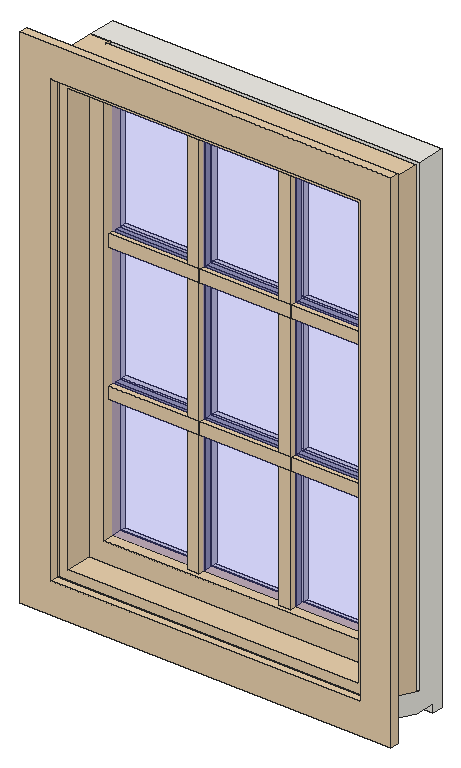
Revit family "Window-Picture-Andersen-400_Series-Tilt_Wash 2", category Windows, host Wall, Revit 2013
Parameters
  Visual Light Transmittance = 0.51  # constant formula
  Thermal Resistance (R) = 0.60723  # 3.4480 (h·ft²·°F)/BTU
  TFL = if(Fractional Lights High > 5, 3, if(or(Fractional Lights High = 4, Fractional Lights High = 5), 2, if(or(Fractional Lights High = 2, Fractional Lights High = 3), 1, 1)))  # 1
  TFB = TFL - 1  # 0
  Solar Heat Gain Coefficient = 0.22  # constant formula
  Sill MO Offset = if(Enter Exterior Trim Number > 0, 0' 1 15/16" + Masonry Opening Offset, 0' 0 1/4")  # 0' - 0 1/4"
  Learn About These Parameters = "http://www.andersenwindows.com/for-professionals/cad-symbols-bim-support-window-doors/bim-support"
  LWide = if(or(Enter Pattern Number = 3, Enter Pattern Number = 4), 3, if(or(Enter Pattern Number = 1, Enter Pattern Number = 2), . . Lights Wide, Fractional Lights Wide))  # 3
  Interior Material = Wood - Andersen - Pine
  Interior Grille Bar = yes
  Heat Transfer Coefficient (U) = 1.6467  # 0.2900 BTU/(h·ft²·°F)
  Head MO Offset = if(Enter Exterior Trim Number > 0, casing4 + Masonry Opening Offset, 0' 0 1/4")  # 0' - 0 1/4"
  Glazing Material = Glass ‐ Andersen - Low-E4 SmartSun
  Fractional Lights Wide = 3  # constant formula
  Fractional Lights High = 3  # constant formula
  Exterior Unit Finish = Vinyl - Andersen - White
  Exterior Grille Bar = yes
  Analytic Construction = "<None>"
  Available Grille Bar Sizes = "3/4'', 7/8'', 1 1/8'', 2 1/4''"  # constant formula
  Between Glass Grille Bar Sizes = "3/4'', 1''"  # constant formula
  Interior Casing = yes
  Grille Bar Size = 0' - 0 7/8"
  Enter Pattern Number = 1
  ..Pattern Number 1 = "Colonial"  # constant formula
  ..Pattern Number 2 = "Modified Colonial"  # constant formula
  . . Lights Wide = 3
  . . Lights High = 3
  ..Pattern Number 3 = "Prairie"  # constant formula
  ..Pattern Number 4 = "Short Fractional"  # constant formula
  ..Pattern Number 5 = "Tall Fractional"  # constant formula
  Extension Jamb = yes
  Enter Exterior Trim Number = 0
  ..Exterior Trim Number 0 = "No Exterior Trim"  # constant formula
  ..Exterior Trim Number 1 = "Brick Mould"  # constant formula
  ..Exterior Trim Number 2 = "3 1/2'' Flat Casing"  # constant formula
  ..Exterior Trim Number 3 = "4 1/2'' Flat Casing"  # constant formula
  Between Glass Grille Bar = yes
  xjamb Visibility [instance] = and(Extension Jamb, and(Wall Depth > 0' 4 1/2", Extension Jamb))  # yes
  xjamb S1 [instance] = if(Wall Depth > 0' 1 7/8", Wall Depth - 0' 4 1/2", 0' 3")  # 0' - 0 1/16"
  sill nose1 = 0' - 1 13/16"  # constant formula
  sill nose 2 = 0' - 1 15/16"  # constant formula
  casingS2 = if(Enter Exterior Trim Number = 1, 0' 0 3/16", 0' 0 3/16")  # 0' - 0 3/16"
  casingS1 = if(Enter Exterior Trim Number = 1, 0' 0 7/16", 0' 0 3/16")  # 0' - 0 3/16"
  casing4 = if(Enter Exterior Trim Number = 1, 0' 1 3/4", if(Enter Exterior Trim Number = 2, 0' 3 1/4", 0' 4 1/4"))  # 0' - 4 1/4"
  casing3 = 0' - 0 1/2"  # constant formula
  casing2 = 0' - 0 7/8"  # constant formula
  casing1 = 0' - 0 1/4"  # constant formula
  Wall Thickness [instance] = 0' - 6"
  Wall Depth [instance] = 0' - 4 9/16"
  Void Offset 2 = if(Enter Exterior Trim Number > 0, 0' 1 15/16", 0' 0")  # 0' - 0"
  Void Offset 1 = if(Enter Exterior Trim Number > 0, casing4, 0' 0")  # 0' - 0"
  Void Depth [instance] = if(Wall Thickness > Wall Depth, 0' 1" + Wall Thickness - Wall Depth, 0' 1")  # 0' - 2 7/16"
  VGB DLO = if(Enter Pattern Number = 3, 0' 4", (H DLO - (Grille Bar Size * (V Bars))) / if(LWide > 2, LWide, 3))  # 0' - 5.79167"
  V Bars = if(Enter Pattern Number = 3, 2, if(LWide > 2, LWide - 1, 2))  # 2
  URL = "www.andersenwindows.com"
  Type Comments = "Vinyl-clad double hung picture window"
  TS V Bar Length = if(or(Enter Pattern Number = 5, Enter Pattern Number = 2), ((((Height - HGO - SGO - (Grille Bar Size * (Fractional Lights High - 1))) / Fractional Lights High)) * TFL) + (TFB * Grille Bar Size), if(Enter Pattern Number = 4, ((Height - HGO - SGO - (Grille Bar Size * (Fractional Lights High - 1))) / Fractional Lights High), Height - HGO - SGO))  # 2' - 5 1/16"
  TS SH DLO = if(or(Enter Pattern Number = 5, Enter Pattern Number = 2), ((((Height - HGO - SGO - (Grille Bar Size * (Fractional Lights High - 1))) / Fractional Lights High)) * TFL) + (TFB * Grille Bar Size) + HGO + (Grille Bar Size / 2), if(Enter Pattern Number = 4, TS V Bar Length + HGO + (Grille Bar Size / 2), (TS V Bar Length / 2) + HGO))  # 1' - 4 31/32"
  TS S V = LWide = 2  # no
  TS S H Craftsman = and(Enter Pattern Number = 2, or(Fractional Lights High = 4, Fractional Lights High = 5))  # no
  TS S H = or(or(or(and(. . Lights High = 2, Enter Pattern Number = 1), and(Enter Pattern Number = 4, Fractional Lights High > 1)), and(Enter Pattern Number = 5, Fractional Lights High > 1)), and(Enter Pattern Number = 2, Fractional Lights High > 1))  # no
  TS M V = or(or(or(or(or(and(LWide > 2, Enter Pattern Number = 1), and(LWide > 2, Enter Pattern Number = 2)), Enter Pattern Number = 3), Enter Pattern Number = 4), Enter Pattern Number = 5), and(LWide > 2, Enter Pattern Number = 6))  # yes
  TS M H = or(or(Enter Pattern Number = 3, and(. . Lights High > 2, Enter Pattern Number = 1)), and(Enter Pattern Number = 2, Fractional Lights High > 5))  # yes
  TS HGB DLO = if(Enter Pattern Number = 1, if(. . Lights High > 2, ((TS V Bar Length - (Grille Bar Size * (. . Lights High - 1))) / . . Lights High), 0' 4"), if(Enter Pattern Number = 3, 0' 4", if(Fractional Lights High > 2, ((TS V Bar Length - (Grille Bar Size * 2)) / 3), 0' 4")))  # 0' - 9.10417"
  TS H Bars = if(Enter Pattern Number = 3, 2, if(Enter Pattern Number = 1, if(. . Lights High > 2, . . Lights High - 1, 2), 2))  # 2
  SGO = 0' - 4 1/2"  # constant formula
  Rough Width = Width + (Rough Opening Offset * 2)  # 2' - 0 1/2"
  Rough Opening Offset = 0' - 0 1/4"
  Rough Height = Height + (Rough Opening Offset * 2)  # 3' - 0 1/2"
  Product Documentation Link = "http://www.andersenwindows.com/products/400-series-tilt-wash-double-hung-window/"
  Plan Exterior Mask Visibility [instance] = Plan Exterior Mask 2 > 0' 0 1/32"  # yes
  Plan Exterior Mask 2 [instance] = if(Enter Exterior Trim Number > 0, if(Wall Depth + 0' 1 1/16" + casingS1 > Wall Thickness, 0' 0 1/32", Wall Thickness - Wall Depth - 0' 1 1/16" - casingS1), if(Wall Depth + 0' 1 1/16" > Wall Thickness, 0' 0 1/32", Wall Thickness - Wall Depth - 0' 0 1/16"))  # 0' - 1 3/8"
  Plan Exterior Mask [instance] = if(Enter Exterior Trim Number > 0, 0' 1 1/16" + casingS1, 0' 1 1/16")  # 0' - 1 1/16"
  Nail Fin Visibility = Enter Exterior Trim Number = 0  # yes
  Model = "400-Series Tilt-Wash Double Hung Picture"  # constant formula
  Masonry Width = if(Enter Exterior Trim Number > 0, Width + ((casing4 + Masonry Opening Offset) * 2), Width + (Masonry Opening Offset * 2))  # 2' - 0 1/2"
  Masonry Opening Offset = 0' - 0 1/4"
  Masonry Height = if(Enter Exterior Trim Number > 0, Height + (casing4 + Masonry Opening Offset) + (sill nose 2 + Masonry Opening Offset), Height + (Masonry Opening Offset * 2))  # 3' - 0 1/2"
  Manufacturer = "Andersen Corporation"  # constant formula
  JGO = 0' - 2 7/16"  # constant formula
  Interior Casing Size = 0' - 2 1/4"
  Height = 3' - 0"
  HGO = 0' - 2 7/16"  # constant formula
  H DLO = Width - (JGO * 2)  # 1' - 7 1/8"
  Family Version = "01.01.15"  # constant formula
  Exterior Trim Finish = Fibrex Composite - Andersen - White
  Designation = "TWP"
  Description = "Vinyl-clad picture window"  # constant formula
  Default Sill Height = 6' 10 1/2" - Rough Height  # 3' - 10"
  Wall Closure = By host
  Width = 2' - 0"
  Coarse Plan [instance] = if(Wall Depth < Wall Thickness, Wall Depth, Wall Thickness)  # 0' - 4 9/16"
  Casing Visibility = Enter Exterior Trim Number > 0  # no
  Between Glass Grille Bar Finish = Stainless Steel - Andersen - Standard
  Bar Center Line = if(Enter Pattern Number = 6, 1, 2)  # 2
  Assembly Code = "B2020100"
Reference planes (in)
  plane 1 "Center (Front/Back)": y = 0
  plane 2: z = 0
  plane 3 "Center (Left/Right)": x = 0
  plane 4 "R Frame": x = -12
  plane 5 "L Frame": x = 12
  plane 6 "B Frame": z = 46.5
  plane 7 "T Frame": z = 82.5
  plane 8 "L Glazing": x = 9.5625
  plane 9 "L Ext Frame": x = 10.125
  plane 10 "L Int Frame": x = 10.65625
  plane 11 "L Xjamb 1": x = 11.3125
  plane 12 "L Casing 1": x = 11.75
  plane 13 "L Xjamb 2": x = 11.9375
  plane 14 "L Rough Opening": x = 12.25
  plane 15 "L Casing 2": x = 15.375
  plane 16 "L Casing 3": x = 15.75
  plane 17 "L Casing 4": x = 16.25
  plane 18 "R Glazing": x = -9.5625
  plane 19 "R Ext Frame": x = -10.125
  plane 20 "R Int Frame": x = -10.65625
  plane 21 "R Xjamb 1": x = -11.3125
  plane 22 "R Casing 1": x = -11.75
  plane 23 "R Xjamb 2": x = -11.9375
  plane 24 "R Rough Opening": x = -12.25
  plane 25 "R Casing 2": x = -15.375
  plane 26 "R Casing 3": x = -15.75
  plane 27 "R Casing 4": x = -16.25
  plane 28 "R Int Casing": x = -13.5625
  plane 29 "T Glazing": z = 80.0625
  plane 30 "T Ext Frame": z = 81.5625
  plane 31 "T Int Frame": z = 81.15625
  plane 32 "T Xjamb 1": z = 81.8125
  plane 33 "T Casing 1": z = 82.25
  plane 34 "T Xjamb 2": z = 82.4375
  plane 35 "T Rough Opening": z = 82.75
  plane 36 "T Casing 2": z = 85.875
  plane 37 "T Casing 3": z = 86.25
  plane 38 "T Casing 4": z = 86.75
  plane 39 "T Int Casing": z = 84.0625
  plane 40 "B Glazing": z = 51
  plane 41 "B Ext Frame": z = 47.9068
  plane 42 "B Int Frame": z = 49.5625
  plane 43 "B Xjamb 2": z = 48.3125
  plane 44 "B Casing 1": z = 45.75
  plane 45 "B Casing 2": z = 44
  plane 46 "B Int Casing": z = 46.6875
  plane 47 "L Int Casing": x = 13.5625
  plane 48 "Casing S1": y = 3.125
  plane 49 "Casing S2": y = 3.125
  plane 50 "Frame S1": y = 2.9375
  plane 51 "Flange": y = 1.5625
  plane 52 "Glass1 S1": y = 0.6065
  plane 53 "Glass1 S2": y = 0.4815
  plane 54 "Glass1 S3": y = -0.0935
  plane 55 "Glass1 S4": y = -0.2185
  plane 56 "Sash1 S2": y = -0.9375
  plane 57 "Sash2 S2": y = -2.4375
  plane 58 "Frame S2": y = -2.9375
  plane 59 "B Xjamb 1": z = 48.9375
  plane 60 "Exterior Offset": y = 4
  plane 61 "Interior Casing": y = -3.625
  plane 62 "Vertical Bar Length": z = 51
  plane 63 "B Rough Opening": z = 46.25
  plane 64 "R Masonry Opening": x = -12.25
  plane 65 "L Masonry Opening": x = 12.25
  plane 66 "T Masonry Opening": z = 82.75
  plane 67 "B Masonry Opening": z = 45.6875
  plane 68 "Xjamb S1": y = -2.9375
  plane 69 "Sash1 S1": y = 0.90449
  plane 70 "Frame S1.1": y = 2.125
  plane 71 "Frame S1.2": y = 1.3125
  plane 72 "R Ext Frame1": x = -10.59375
  plane 73 "R Ext Frame2": x = -11.1875
  plane 74 "L Ext Frame1": x = 10.59375
  plane 75 "L Ext Frame2": x = 11.1875
  plane 76 "T Ext Frame1": z = 81.25
  plane 77 "B Sill Drop": z = 45.9375
Forms (in)
  Extrusion 1, void
    sketch origin (0, 0, 0) x (1, 0, 0) y (0, 0, 1)
      loop
        line (12, 82.5) -> (-12, 82.5) -> (-12, 46.5) -> (12, 46.5) -> (12, 82.5)
    from -1.5625 to 3
  Extrusion 2, void
    sketch origin (0, 0, 0) x (1, 0, 0) y (0, 0, 1)
      loop
        line (12, 82.5) -> (-12, 82.5) -> (-12, 45.9375) -> (12, 45.9375) -> (12, 82.5)
    from -15 to -1.5625
  Extrusion 3, solid, material "Wood - Andersen - Pine" <- "Interior Material", visible <- "xjamb Visibility", detail levels medium+fine
    sketch origin (0, -2.5625, 0) x (-1, 0, 0) y (0, 0, 1)
      loop
        line (11.9375, 82.4375) -> (-11.9375, 82.4375) -> (-11.9375, 48.3125) -> (11.9375, 48.3125) -> (11.9375, 82.4375)
      loop
        line (11.3125, 81.8125) -> (-11.3125, 81.8125) -> (-11.3125, 48.9375) -> (11.3125, 48.9375) -> (11.3125, 81.8125)
    from -0.375 to -0.4375
  Extrusion 4, solid, material "Wood - Andersen - Pine" <- "Interior Material", visible <- "Interior Casing", detail levels fine
    sketch origin (0, -3.625, 0) x (-1, 0, 0) y (0, 0, 1)
      loop
        line (13.5625, 84.0625) -> (-13.5625, 84.0625) -> (-13.5625, 46.6875) -> (13.5625, 46.6875) -> (13.5625, 84.0625)
      loop
        line (11.3125, 81.8125) -> (-11.3125, 81.8125) -> (-11.3125, 48.9375) -> (11.3125, 48.9375) -> (11.3125, 81.8125)
    from 0 to 0.625
  Extrusion 5, solid, material "Fibrex Composite - Andersen - White" <- "Exterior Trim Finish", visible <- "Casing Visibility", detail levels medium+fine
    sketch origin (0, 0, 0) x (0, 1, 0) y (0, 0, 1)
      loop
        line (2.9375, 45.82714) -> (2.9375, 45.9375) -> (1.5625, 45.9375) -> (1.5625, 44) -> (3.375, 44) -> (3.375, 45.75) -> (2.9375, 45.82714)
    from -16.25 to 16.25
  Sweep 6, solid, material "Fibrex Composite - Andersen - White" <- "Exterior Trim Finish", visible <- "Casing Visibility", detail levels medium+fine
    path origin (0, 1.5625, 0) x (-1, 0, 0) y (0, 0, 1)
      loop
        line (-16.25, 44) -> (-16.25, 86.75) -> (16.25, 86.75) -> (16.25, 44)
    profile origin (16.25, 1.5625, 65.375) x (1, 0, 0) y (0, 1, 0)
      loop
        line (-0.875, 1.5625) -> (-4.5, 1.5625) -> (-4.5, 0) -> (0, 0) -> (0, 1.5625) -> (-0.5, 1.5625) -> (-0.875, 1.5625)
  Extrusion 7, solid, material "Fibrex Composite - Andersen - White" <- "Exterior Trim Finish", visible <- "Casing Visibility", detail levels coarse
    sketch origin (0, 1.5625, 0) x (-1, 0, 0) y (0, 0, 1)
      loop
        line (-16.25, 86.75) -> (-16.25, 44) -> (16.25, 44) -> (16.25, 86.75) -> (-16.25, 86.75)
      loop
        line (-11.75, 82.25) -> (-11.75, 45.9375) -> (11.75, 45.9375) -> (11.75, 82.25) -> (-11.75, 82.25)
    from 0 to 1.5625
  Extrusion 8, solid, material "Wood - Andersen - Pine" <- "Interior Material"
    sketch origin (0, -0.9375, 0) x (-1, 0, 0) y (0, 0, 1)
      loop
        line (10.59375, 81.5625) -> (-10.59375, 81.5625) -> (-10.59375, 47.9068) -> (10.59375, 47.9068) -> (10.59375, 81.5625)
      loop
        line (9.5625, 80.0625) -> (-9.5625, 80.0625) -> (-9.5625, 51) -> (9.5625, 51) -> (9.5625, 80.0625)
    from 0 to 1.544
  Extrusion 9, solid, material "Vinyl - Andersen - White" <- "Exterior Unit Finish"
    sketch origin (0, 45.99825, 0) x (-1, 0, 0) y (0, 0, 1)
      loop
        line (-9.5625, 80.0625) -> (-9.5625, 51) -> (9.5625, 51) -> (9.5625, 80.0625) -> (-9.5625, 80.0625)
      loop
        line (10.59375, 47.9068) -> (10.59375, 81.5625) -> (-10.59375, 81.5625) -> (-10.59375, 47.9068) -> (10.59375, 47.9068)
    from -45.09375 to -45.39175
  Extrusion 10, solid, material "Glass ‐ Andersen - Low-E4 SmartSun" <- "Glazing Material"
    sketch origin (0, -0.2185, 0) x (-1, 0, 0) y (0, 0, 1)
      loop
        line (-9.5625, 80.0625) -> (-9.5625, 51) -> (9.5625, 51) -> (9.5625, 80.0625) -> (-9.5625, 80.0625)
    from 0 to 0.825
  Extrusion 11, solid, material "Vinyl - Andersen - White" <- "Exterior Unit Finish", detail levels medium+fine
    sketch origin (0, 0, 0) x (0, 1, 0) y (0, 0, 1)
      loop
        line (2.125, 45.9375) -> (2.9375, 45.9375) -> (2.9375, 46.96875) -> (2.125, 47.18125) -> (2.125, 47.5875) -> (-0.9375, 48.38846) -> (-0.9375, 46.94661) -> (0.7054, 46.5) -> (2.125, 46.5) -> (2.125, 45.9375)
      loop
        line (0.90449, 82.5) -> (0.90449, 81.25) -> (2.125, 81.25) -> (2.125, 81.5625) -> (2.9375, 81.5625) -> (2.9375, 82.5) -> (0.90449, 82.5)
    from -12 to 12
  Extrusion 12, solid, material "Wood - Andersen - Pine" <- "Interior Material"
    sketch origin (0, 0, 0) x (0, 1, 0) y (0, 0, 1)
      loop
        line (-0.9375, 49.5625) -> (-2.9375, 49.5625) -> (-2.9375, 47.49029) -> (-0.9375, 46.94661) -> (-0.9375, 49.5625)
      loop
        line (0.6065, 81.5625) -> (0.6065, 82.5) -> (-2.9375, 82.5) -> (-2.9375, 81.15625) -> (-2.4375, 81.15625) -> (-2.4375, 81.5625) -> (0.6065, 81.5625)
    from -12 to 12
  Extrusion 13, solid, material "Vinyl - Andersen - White" <- "Exterior Unit Finish", detail levels medium+fine
    sketch origin (0, 0, 52.78125) x (0, -1, 0) y (1, 0, 0)
      loop
        line (-0.90449, -12) -> (-0.90449, -10.125) -> (-1.3125, -10.125) -> (-1.3125, -10.59375) -> (-2.125, -10.91282) -> (-2.125, -11.1875) -> (-2.9375, -11.1875) -> (-2.9375, -12) -> (-0.90449, -12)
      loop
        line (-1.3125, 10.125) -> (-0.90449, 10.125) -> (-0.90449, 12) -> (-2.9375, 12) -> (-2.9375, 11.1875) -> (-2.125, 11.1875) -> (-2.125, 10.91282) -> (-1.3125, 10.59375) -> (-1.3125, 10.125)
    from -6.28125 to 29.71875
  Extrusion 14, solid, material "Wood - Andersen - Pine" <- "Interior Material"
    sketch origin (0, 0, 52.78125) x (0, -1, 0) y (1, 0, 0)
      loop
        line (2.9375, -12) -> (2.9375, -10.65625) -> (-0.90449, -10.65625) -> (-0.90449, -12) -> (2.9375, -12)
      loop
        line (-0.6065, 10.65625) -> (2.9375, 10.65625) -> (2.9375, 12) -> (-0.6065, 12) -> (-0.6065, 10.65625)
    from -4.87445 to 29.71875
  Extrusion 15, solid, material "Vinyl - Andersen - White" <- "Exterior Unit Finish", detail levels coarse
    sketch origin (0, 1.5625, 0) x (-1, 0, 0) y (0, 0, 1)
      loop
        line (-12, 45.9375) -> (12, 45.9375) -> (12, 82.5) -> (-12, 82.5) -> (-12, 45.9375)
      loop
        line (-10.125, 47.9068) -> (10.125, 47.9068) -> (10.125, 81.25) -> (-10.125, 81.25) -> (-10.125, 47.9068)
    from -0.956 to 1.375
Cuts and joins
  joined: Extrusion 5, Sweep 6
  joined: Extrusion 12, Extrusion 14
  joined: Extrusion 11, Extrusion 13
Lines and regions (in)
  Masking region 1, detail levels medium+fine
    outline origin (0, 0, 46.5) x (0, -1, 0) y (1, 0, 0)
      loop
        line (-2.9375, -12) -> (2.9375, -12) -> (2.9375, 12) -> (-2.9375, 12) -> (-2.9375, -12)
  Masking region 2, visible <- "Casing Visibility", detail levels medium+fine
    outline origin (0, 0, 46.5) x (0, -1, 0) y (1, 0, 0)
      loop
        line (-2.9375, -12) -> (-2.9375, 12) -> (-1.5625, 12) -> (-1.5625, 16.25) -> (-3.125, 16.25) -> (-3.125, -16.25) -> (-1.5625, -16.25) -> (-1.5625, -12) -> (-2.9375, -12)
  Masking region 3, visible <- "Nail Fin Visibility", detail levels coarse
    outline origin (0, 0, 46.5) x (0, -1, 0) y (1, 0, 0)
      loop
        line (-4, -12) -> (3, -12) -> (3, 12) -> (-4, 12) -> (-4, -12)
  Masking region 4
    outline origin (0, 0, 0) x (0, 1, 0) y (0, 0, 1)
      loop
        line (2.9375, 82.5) -> (-2.9375, 82.5) -> (-2.9375, 47.49029) -> (0.7054, 46.5) -> (1.96875, 46.5) -> (1.96875, 45.9375) -> (2.9375, 45.9375) -> (2.9375, 82.5)
  Masking region 5, visible <- "Casing Visibility"
    outline origin (0, 0, 0) x (0, 1, 0) y (0, 0, 1)
      loop
        line (2.9375, 45.82714) -> (2.9375, 45.9375) -> (1.5625, 45.9375) -> (1.5625, 44) -> (3.375, 44) -> (3.375, 45.75) -> (2.9375, 45.82714)
  Masking region 6, visible <- "Casing Visibility"
    outline origin (0, 0, 0) x (0, 1, 0) y (0, 0, 1)
      loop
        line (2.9375, 82.5) -> (2.9375, 45.82714) -> (3.125, 45.79408) -> (3.125, 86.75) -> (1.5625, 86.75) -> (1.5625, 82.5) -> (2.9375, 82.5)
  Masking region 7, visible <- "Casing Visibility"
    outline origin (0, 2.9375, 0) x (-1, 0, 0) y (0, 0, 1)
      loop
        line (-16.25, 86.75) -> (-16.25, 44) -> (16.25, 44) -> (16.25, 86.75) -> (-16.25, 86.75)
  Masking region 8
    outline origin (0, 2.9375, 0) x (-1, 0, 0) y (0, 0, 1)
      loop
        line (-12, 82.5) -> (-12, 45.9375) -> (12, 45.9375) -> (12, 82.5) -> (-12, 82.5)
  Masking region 9
    outline origin (0, -2.9375, 0) x (-1, 0, 0) y (0, 0, 1)
      loop
        line (12, 82.5) -> (-12, 82.5) -> (-12, 46.5) -> (12, 46.5) -> (12, 82.5)
  Masking region 10, visible <- "Interior Casing", detail levels fine
    outline origin (0, -3.625, 0) x (-1, 0, 0) y (0, 0, 1)
      loop
        line (13.5625, 84.0625) -> (-13.5625, 84.0625) -> (-13.5625, 46.6875) -> (13.5625, 46.6875) -> (13.5625, 84.0625)
      loop
        line (11.3125, 81.8125) -> (-11.3125, 81.8125) -> (-11.3125, 48.9375) -> (11.3125, 48.9375) -> (11.3125, 81.8125)
  Masking region 11, visible <- "Casing Visibility", detail levels coarse
    outline origin (0, 0, 46.5) x (0, -1, 0) y (1, 0, 0)
      loop
        line (-4, -16.25) -> (-1.5625, -16.25) -> (-1.5625, -12) -> (3, -12) -> (3, 12) -> (-1.5625, 12) -> (-1.5625, 16.25) -> (-4, 16.25) -> (-4, -16.25)
  Masking region 12, visible <- "xjamb Visibility", detail levels medium+fine
    outline origin (0, 0, 46.5) x (0, -1, 0) y (1, 0, 0)
      loop
        line (2.9375, -11.9375) -> (3, -11.9375) -> (3, 11.9375) -> (2.9375, 11.9375) -> (2.9375, -11.9375)
  Masking region 13, visible <- "Interior Casing", detail levels fine
    outline origin (0, 0, 46.5) x (0, -1, 0) y (1, 0, 0)
      loop
        line (3, -13.5625) -> (3.625, -13.5625) -> (3.625, 13.5625) -> (3, 13.5625) -> (3, -13.5625)
  Masking region 14, visible <- "xjamb Visibility", detail levels medium+fine
    outline origin (0, 0, 0) x (0, 1, 0) y (0, 0, 1)
      loop
        line (-2.9375, 82.4375) -> (-3, 82.4375) -> (-3, 48.3125) -> (-2.9375, 48.3125) -> (-2.9375, 82.4375)
  Masking region 15, visible <- "Interior Casing", detail levels fine
    outline origin (0, 0, 0) x (0, 1, 0) y (0, 0, 1)
      loop
        line (-3, 84.0625) -> (-3.625, 84.0625) -> (-3.625, 46.6875) -> (-3, 46.6875) -> (-3, 84.0625)
  symbolic lines, style "WindowsFrameMullionProjection", visible <- "Casing Visibility", detail levels fine
    curve 1: line (15.75, 3.125, 46.5) -> (15.375, 3.125, 46.5)
    curve 2: line (15.375, 3.125, 46.5) -> (11.75, 3.125, 46.5)
    curve 3: line (11.75, 3.125, 46.5) -> (11.75, 2.9375, 46.5)
    curve 4: line (-15.75, 3.125, 46.5) -> (-15.375, 3.125, 46.5)
    curve 5: line (-15.375, 3.125, 46.5) -> (-11.75, 3.125, 46.5)
    curve 6: line (-11.75, 3.125, 46.5) -> (-11.75, 2.9375, 46.5)
  symbolic lines, style "WindowsGlassProjection", detail levels medium+fine
    curve 7: line (-9.5625, 0.6065, 46.5) -> (9.5625, 0.6065, 46.5)
    curve 10: line (-9.5625, -0.2185, 46.5) -> (9.5625, -0.2185, 46.5)
  symbolic lines, style "WindowsGlassProjection", detail levels fine
    curve 8: line (-9.5625, 0.4815, 46.5) -> (9.5625, 0.4815, 46.5)
    curve 9: line (-9.5625, -0.0935, 46.5) -> (9.5625, -0.0935, 46.5)
    curve 27: line (0, 0.4815, 80.0625) -> (0, 0.4815, 51)
    curve 28: line (0, -0.0935, 80.0625) -> (0, -0.0935, 51)
    curve 54: line (-10.4375, 0.4815, 46.25) -> (-9.5625, 0.4815, 46.25)
    curve 55: line (-10.4375, -0.0935, 46.25) -> (-9.5625, -0.0935, 46.25)
    curve 56: line (-9.6875, 0.4815, 46.25) -> (-9.6875, -0.0935, 46.25)
    curve 83: line (0, 0.4815, 80.923) -> (0, 0.4815, 80.0625)
    curve 84: line (0, -0.0935, 80.923) -> (0, -0.0935, 80.0625)
    curve 85: line (0, 0.4815, 80.1875) -> (0, -0.0935, 80.1875)
    curve 105: line (0, 0.4815, 51) -> (0, 0.4815, 50.33225)
    curve 106: line (0, -0.0935, 51) -> (0, -0.0935, 50.33225)
    curve 107: line (0, 0.4815, 50.875) -> (0, -0.0935, 50.875)
    curve 155: line (10.4375, 0.4815, 46.25) -> (9.5625, 0.4815, 46.25)
    curve 156: line (10.4375, -0.0935, 46.25) -> (9.5625, -0.0935, 46.25)
    curve 157: line (9.6875, 0.4815, 46.25) -> (9.6875, -0.0935, 46.25)
  symbolic lines, style "WindowsFrameMullionProjection", detail levels medium
    curve 11: line (-10.65625, 0.90449, 46.5) -> (-9.5625, 0.90449, 46.5)
    curve 12: line (-9.5625, 0.90449, 46.5) -> (-9.5625, -0.9375, 46.5)
    curve 13: line (-9.5625, -0.9375, 46.5) -> (-10.65625, -0.9375, 46.5)
    curve 14: line (-10.65625, 2.9375, 46.5) -> (-10.65625, -2.9375, 46.5)
    curve 15: line (10.65625, 0.90449, 46.5) -> (9.5625, 0.90449, 46.5)
    curve 16: line (9.5625, 0.90449, 46.5) -> (9.5625, -0.9375, 46.5)
    curve 17: line (9.5625, -0.9375, 46.5) -> (10.65625, -0.9375, 46.5)
    curve 18: line (10.65625, 2.9375, 46.5) -> (10.65625, -2.9375, 46.5)
  symbolic lines, style "WindowsFrameMullionProjection", detail levels coarse
    curve 19: line (-10.65625, -3, 46.5) -> (-10.65625, 4, 46.5)
    curve 20: line (10.65625, -3, 46.5) -> (10.65625, 4, 46.5)
  symbolic lines, style "WindowsGlassProjection", detail levels coarse
    curve 21: line (-10.65625, 0, 46.5) -> (10.65625, 0, 46.5)
    curve 22: line (-10.65625, 1, 46.5) -> (10.65625, 1, 46.5)
  symbolic lines, style "WindowsFrameMullionProjection", visible <- "Casing Visibility"
    curve 23: line (0, 3.125, 86.25) -> (0, 3.125, 85.875)
    curve 24: line (0, 3.125, 85.875) -> (0, 3.125, 82.25)
    curve 25: line (0, 3.125, 82.25) -> (0, 2.9375, 82.25)
  symbolic lines, style "WindowsGlassProjection"
    curve 26: line (0, 0.6065, 80.0625) -> (0, 0.6065, 51)
    curve 29: line (0, -0.2185, 80.0625) -> (0, -0.2185, 51)
  symbolic lines, style "WindowsFrameMullionProjection", detail levels medium+fine
    curve 30: line (10.125, 2.9375, 81.25) -> (-10.125, 2.9375, 81.25)
    curve 31: line (10.125, 2.9375, 47.9068) -> (10.125, 2.9375, 81.25)
    curve 32: line (-10.125, 2.9375, 47.9068) -> (10.125, 2.9375, 47.9068)
    curve 33: line (-10.125, 2.9375, 81.25) -> (-10.125, 2.9375, 47.9068)
    curve 38: line (-10.65625, -2.9375, 81.15625) -> (10.65625, -2.9375, 81.15625)
    curve 39: line (-10.65625, -2.9375, 49.5625) -> (-10.65625, -2.9375, 81.15625)
    curve 40: line (10.65625, -2.9375, 49.5625) -> (-10.65625, -2.9375, 49.5625)
    curve 41: line (10.65625, -2.9375, 81.15625) -> (10.65625, -2.9375, 49.5625)
  symbolic lines, style "WindowsFrameMullionProjection"
    curve 34: line (9.5625, 0, 80.0625) -> (-9.5625, 0, 80.0625)
    curve 35: line (9.5625, 0, 51) -> (9.5625, 0, 80.0625)
    curve 36: line (-9.5625, 0, 51) -> (9.5625, 0, 51)
    curve 37: line (-9.5625, 0, 80.0625) -> (-9.5625, 0, 51)
    curve 57: line (0, 0.90449, 80.25) -> (0, 0.6065, 80.048)
    curve 58: line (0, 0.6065, 80.048) -> (0, 0.6065, 80.923)
    curve 59: line (0, 0.6065, 80.923) -> (0, -0.2185, 80.923)
    curve 60: line (0, -0.2185, 80.048) -> (0, -0.2185, 80.923)
    curve 61: line (0, -0.9375, 80.25) -> (0, -0.2185, 80.048)
    curve 62: line (0, -0.9375, 81.8125) -> (0, -0.9375, 80.25)
    curve 63: line (0, 2.9375, 81.5625) -> (0, 2.125, 81.5625)
    curve 64: line (0, 2.125, 81.5625) -> (0, 2.125, 81.25)
    curve 65: line (0, 2.125, 81.25) -> (0, 0.90449, 81.25)
    curve 66: line (0, 0.90449, 80.25) -> (0, 0.90449, 81.8125)
    curve 67: line (0, 0.90449, 81.8125) -> (0, -0.9375, 81.8125)
    curve 68: line (0, -2.4375, 81.42051) -> (0, -2.4375, 81.15625)
    curve 69: line (0, -2.65625, 81.15625) -> (0, -2.9375, 81.4375)
    curve 89: line (0, 2.125, 47.5875) -> (0, -2.4375, 48.78077)
    curve 90: line (0, -2.4375, 48.78077) -> (0, -2.4375, 49.692)
    curve 91: line (0, -2.75, 49.5625) -> (0, -2.9375, 49.375)
    curve 92: line (0, -0.21886, 51.02599) -> (0, -0.93981, 50.81926)
    curve 93: line (0, -0.21886, 50.33225) -> (0, -0.21886, 51.02599)
    curve 94: line (0, 0.60568, 50.33225) -> (0, -0.21886, 50.33225)
    curve 95: line (0, 0.60568, 51.02599) -> (0, 0.60568, 50.33225)
    curve 96: line (0, 0.90414, 50.82615) -> (0, 0.60568, 51.02599)
    curve 168: line (0, -2.4375, 81.15625) -> (0, -2.65625, 81.15625)
    curve 170: line (0, 0.90414, 47.9068) -> (0, 0.90414, 50.82615)
    curve 172: line (0, -2.75, 49.5625) -> (0, -2.4375, 49.5625)
    curve 173: line (0, 2.125, 47.18125) -> (0, 2.125, 47.5875)
    curve 176: line (0, 2.9375, 46.96875) -> (0, 2.125, 47.18125)
    curve 178: line (0, -1.27351, 81.42051) -> (0, -2.4375, 81.42051)
    curve 179: line (0, -1.1875, 80.92051) -> (0, -1.27351, 81.42051)
    curve 180: line (0, -0.94208, 80.92051) -> (0, -1.1875, 80.92051)
    curve 184: line (0, -2.4375, 49.692) -> (0, -1.29686, 49.692)
    curve 185: line (0, -1.29686, 49.692) -> (0, -1.17186, 50.192)
    curve 186: line (0, -0.93981, 48.38907) -> (0, -0.93981, 50.81926)
    curve 187: line (0, -1.17186, 50.192) -> (0, -0.93981, 50.192)
  symbolic lines, style "WindowsFrameMullionProjection", visible <- "Casing Visibility", detail levels medium
    curve 42: line (-12, 2.9375, 46.5) -> (-12, 3.125, 46.5)
    curve 43: line (12, 3.125, 46.5) -> (12, 2.9375, 46.5)
  symbolic lines, style "WindowsFrameMullionProjection", visible <- "Nail Fin Visibility", detail levels medium+fine
    curve 44: line (-12, 1.5625, 0) -> (-13.5, 1.5625, 0)
    curve 149: line (12, 1.5625, 0) -> (13.5, 1.5625, 0)
  symbolic lines, style "WindowsFrameMullionProjection", visible <- "Nail Fin Visibility"
    curve 45: line (0, 1.5625, 82.5) -> (0, 1.5625, 84)
    curve 46: line (0, 1.5625, 45) -> (0, 1.5625, 46.5)
  symbolic lines, style "WindowsFrameMullionProjection", visible <- "Nail Fin Visibility", not visible
    curve 47: line (0, 69.99411, 71.7698) -> (0, 69.99411, 73.2698)
    curve 48: line (0, 70.16253, 57.16759) -> (0, 70.16253, 58.66759)
  symbolic lines, style "WindowsFrameMullionProjection", detail levels fine
    curve 49: line (-11.25, -0.9375, 46.25) -> (-9.767, -0.9375, 46.25)
    curve 50: line (-9.767, -0.9375, 46.25) -> (-9.548, -0.2185, 46.25)
    curve 51: line (-9.548, -0.2185, 46.25) -> (-10.4375, -0.2185, 46.25)
    curve 52: line (-10.4375, 0.6065, 46.25) -> (-10.4375, -0.2185, 46.25)
    curve 53: line (-9.548, 0.6065, 46.25) -> (-10.4375, 0.6065, 46.25)
    curve 120: line (-11.1875, 2.9375, 46.25) -> (-11.1875, 2.125, 46.25)
    curve 121: line (-11.1875, 2.125, 46.25) -> (-10.91282, 2.125, 46.25)
    curve 122: line (-10.91282, 2.125, 46.25) -> (-10.59375, 1.3125, 46.25)
    curve 123: line (-11.25, 0.90449, 46.25) -> (-11.25, -0.9375, 46.25)
    curve 124: line (-10.59375, 1.3125, 46.25) -> (-10.125, 1.3125, 46.25)
    curve 125: line (-11.25, 0.90449, 46.25) -> (-9.767, 0.90449, 46.25)
    curve 126: line (-10.125, 1.3125, 46.25) -> (-10.125, 0.90449, 46.25)
    curve 127: line (-9.767, 0.90449, 46.25) -> (-9.548, 0.6065, 46.25)
    curve 128: line (-10.65625, -2.65734, 46.25) -> (-10.99013, -2.9375, 46.25)
    curve 129: line (-10.65625, -2.65734, 46.25) -> (-10.65625, -2.4375, 46.25)
    curve 150: line (11.25, -0.9375, 46.25) -> (9.767, -0.9375, 46.25)
    curve 151: line (9.767, -0.9375, 46.25) -> (9.548, -0.2185, 46.25)
    curve 152: line (9.548, -0.2185, 46.25) -> (10.4375, -0.2185, 46.25)
    curve 153: line (10.4375, 0.6065, 46.25) -> (10.4375, -0.2185, 46.25)
    curve 154: line (9.548, 0.6065, 46.25) -> (10.4375, 0.6065, 46.25)
    curve 158: line (11.1875, 2.9375, 46.25) -> (11.1875, 2.125, 46.25)
    curve 159: line (11.1875, 2.125, 46.25) -> (10.91282, 2.125, 46.25)
    curve 160: line (10.91282, 2.125, 46.25) -> (10.59375, 1.3125, 46.25)
    curve 161: line (11.25, 0.90449, 46.25) -> (11.25, -0.9375, 46.25)
    curve 162: line (10.59375, 1.3125, 46.25) -> (10.125, 1.3125, 46.25)
    curve 163: line (11.25, 0.90449, 46.25) -> (9.767, 0.90449, 46.25)
    curve 164: line (10.125, 1.3125, 46.25) -> (10.125, 0.90449, 46.25)
    curve 165: line (9.767, 0.90449, 46.25) -> (9.548, 0.6065, 46.25)
    curve 166: line (10.65625, -2.65734, 46.25) -> (10.99013, -2.9375, 46.25)
    curve 167: line (10.65625, -2.65734, 46.25) -> (10.65625, -2.4375, 46.25)
    curve 192: line (-10.65625, -2.4375, 46.25) -> (-10.40625, -2.4375, 46.25)
    curve 193: line (-10.40625, -0.9375, 46.25) -> (-10.40625, -2.4375, 46.25)
    curve 196: line (10.65625, -2.4375, 46.25) -> (10.40625, -2.4375, 46.25)
    curve 197: line (10.40625, -0.9375, 46.25) -> (10.40625, -2.4375, 46.25)
  symbolic lines, style "WindowsFrameMullionProjection", not visible
    curve 70: line (0, 69.3361, 69.5198) -> (0, 69.03811, 69.3178)
    curve 71: line (0, 69.03811, 69.3178) -> (0, 69.03811, 70.1928)
    curve 72: line (0, 69.03811, 70.1928) -> (0, 68.21311, 70.1928)
    curve 73: line (0, 68.21311, 69.3178) -> (0, 68.21311, 70.1928)
    curve 74: line (0, 67.49411, 69.5198) -> (0, 68.21311, 69.3178)
    curve 75: line (0, 67.49411, 71.0823) -> (0, 67.49411, 69.5198)
    curve 76: line (0, 71.36911, 70.8323) -> (0, 70.55661, 70.8323)
    curve 77: line (0, 70.55661, 70.8323) -> (0, 70.55661, 70.5198)
    curve 78: line (0, 70.55661, 70.5198) -> (0, 69.3361, 70.5198)
    curve 79: line (0, 69.3361, 69.5198) -> (0, 69.3361, 71.0823)
    curve 80: line (0, 69.3361, 71.0823) -> (0, 67.49411, 71.0823)
    curve 81: line (0, 65.99411, 70.69032) -> (0, 65.99411, 70.42605)
    curve 82: line (0, 65.77536, 70.42605) -> (0, 65.49411, 70.7073)
    curve 97: line (0, 70.72503, 59.75509) -> (0, 66.16253, 60.94836)
    curve 98: line (0, 66.16253, 60.94836) -> (0, 66.16253, 61.85959)
    curve 99: line (0, 65.85003, 61.73009) -> (0, 65.66253, 61.54259)
    curve 100: line (0, 68.38117, 63.19357) -> (0, 67.66023, 62.98685)
    curve 101: line (0, 68.38117, 62.49984) -> (0, 68.38117, 63.19357)
    curve 102: line (0, 69.20572, 62.49984) -> (0, 68.38117, 62.49984)
    curve 103: line (0, 69.20572, 63.19357) -> (0, 69.20572, 62.49984)
    curve 104: line (0, 69.50417, 62.99373) -> (0, 69.20572, 63.19357)
    curve 169: line (0, 65.99411, 70.42605) -> (0, 65.77536, 70.42605)
    curve 171: line (0, 69.50417, 60.07439) -> (0, 69.50417, 62.99373)
    curve 174: line (0, 65.85003, 61.73009) -> (0, 66.16253, 61.73009)
    curve 175: line (0, 70.72503, 59.34884) -> (0, 70.72503, 59.75509)
    curve 177: line (0, 71.53753, 59.13634) -> (0, 70.72503, 59.34884)
    curve 181: line (0, 67.1581, 70.69032) -> (0, 65.99411, 70.69032)
    curve 182: line (0, 67.24411, 70.19032) -> (0, 67.1581, 70.69032)
    curve 183: line (0, 67.48953, 70.19032) -> (0, 67.24411, 70.19032)
    curve 188: line (0, 66.16253, 61.85959) -> (0, 67.30317, 61.85959)
    curve 189: line (0, 67.30317, 61.85959) -> (0, 67.42817, 62.35959)
    curve 190: line (0, 67.66023, 60.55665) -> (0, 67.66023, 62.98685)
    curve 191: line (0, 67.42817, 62.35959) -> (0, 67.66023, 62.35959)
  symbolic lines, style "WindowsGlassProjection", not visible, detail levels fine
    curve 86: line (0, 68.91311, 70.1928) -> (0, 68.91311, 69.3323)
    curve 87: line (0, 68.33811, 70.1928) -> (0, 68.33811, 69.3323)
    curve 88: line (0, 68.91311, 69.4573) -> (0, 68.33811, 69.4573)
    curve 108: line (0, 69.08153, 63.16759) -> (0, 69.08153, 62.49984)
    curve 109: line (0, 68.50653, 63.16759) -> (0, 68.50653, 62.49984)
    curve 110: line (0, 69.08153, 63.04259) -> (0, 68.50653, 63.04259)
    curve 136: line (-22.81642, 14.22968, 46.25) -> (-21.94142, 14.22968, 46.25)
    curve 137: line (-22.81642, 13.65468, 46.25) -> (-21.94142, 13.65468, 46.25)
    curve 138: line (-22.06642, 14.22968, 46.25) -> (-22.06642, 13.65468, 46.25)
  symbolic lines, style "WindowsFrameMullionProjection", visible <- "xjamb Visibility", detail levels medium+fine
    curve 111: line (-11.3125, -2.9375, 46.5) -> (-11.3125, -3, 46.5)
    curve 113: line (11.3125, -2.9375, 46.5) -> (11.3125, -3, 46.5)
    curve 115: line (0, -2.9375, 81.8125) -> (0, -3, 81.8125)
    curve 117: line (0, -2.9375, 48.9375) -> (0, -3, 48.9375)
  symbolic lines, style "WindowsFrameMullionProjection", visible <- "Interior Casing", detail levels fine
    curve 112: line (-11.3125, -3, 46.5) -> (-11.3125, -3.625, 46.5)
    curve 114: line (11.3125, -3, 46.5) -> (11.3125, -3.625, 46.5)
    curve 116: line (0, -3, 81.8125) -> (0, -3.625, 81.8125)
    curve 118: line (0, -3, 48.9375) -> (0, -3.625, 48.9375)
  symbolic lines, style "InvisibleLines", detail levels coarse
    curve 119: line (-12, -3, 0) -> (12, -3, 0)
  symbolic lines, style "WindowsFrameMullionProjection", visible <- "Nail Fin Visibility", not visible, detail levels medium+fine
    curve 130: line (-24.37892, 15.31068, 0) -> (-25.87892, 15.31068, 0)
  symbolic lines, style "WindowsFrameMullionProjection", not visible, detail levels fine
    curve 131: line (-23.62892, 12.81068, 46.25) -> (-22.14592, 12.81068, 46.25)
    curve 132: line (-22.14592, 12.81068, 46.25) -> (-21.92692, 13.52968, 46.25)
    curve 133: line (-21.92692, 13.52968, 46.25) -> (-22.81642, 13.52968, 46.25)
    curve 134: line (-22.81642, 14.35468, 46.25) -> (-22.81642, 13.52968, 46.25)
    curve 135: line (-21.92692, 14.35468, 46.25) -> (-22.81642, 14.35468, 46.25)
    curve 139: line (-23.56642, 16.68568, 46.25) -> (-23.56642, 15.87318, 46.25)
    curve 140: line (-23.56642, 15.87318, 46.25) -> (-23.29174, 15.87318, 46.25)
    curve 141: line (-23.29174, 15.87318, 46.25) -> (-22.97267, 15.06068, 46.25)
    curve 142: line (-23.62892, 14.65267, 46.25) -> (-23.62892, 12.81068, 46.25)
    curve 143: line (-22.97267, 15.06068, 46.25) -> (-22.50392, 15.06068, 46.25)
    curve 144: line (-23.62892, 14.65267, 46.25) -> (-22.14592, 14.65267, 46.25)
    curve 145: line (-22.50392, 15.06068, 46.25) -> (-22.50392, 14.65267, 46.25)
    curve 146: line (-22.14592, 14.65267, 46.25) -> (-21.92692, 14.35468, 46.25)
    curve 147: line (-23.03517, 11.09084, 46.25) -> (-23.36905, 10.81068, 46.25)
    curve 148: line (-23.03517, 11.09084, 46.25) -> (-23.03517, 11.31068, 46.25)
    curve 194: line (-23.03517, 11.31068, 46.25) -> (-22.78517, 11.31068, 46.25)
    curve 195: line (-22.78517, 12.81068, 46.25) -> (-22.78517, 11.31068, 46.25)
Text (in)
  text "EXTERIOR" at (-58.6888, 50.90694, 0), in view "Ref. Level"
  text "INTERIOR" at (-58.6888, -37.76638, 0), in view "Ref. Level"
  text "Exterior" at (0, 43.65631, 123.19604), in view "Left"
  text "Exterior" at (0, 18.29385, 125.04747), in view "Right"
Dimensions and locks (in)
  equal spacing: plane 4 "R Frame", plane 3 "Center (Left/Right)", plane 5 "L Frame"
  "Width": plane 4 "R Frame" to plane 5 "L Frame"
  "Height": plane 6 "B Frame" to plane 7 "T Frame"
  locked: plane 50 "Frame S1" to plane 51 "Flange" at 1.375
  locked: plane 51 "Flange" to plane 52 "Glass1 S1" at 0.956
  locked: plane 51 "Flange" to plane 53 "Glass1 S2" at 1.081
  locked: plane 51 "Flange" to plane 54 "Glass1 S3" at 1.656
  locked: plane 51 "Flange" to plane 55 "Glass1 S4" at 1.781
  locked: plane 51 "Flange" to plane 56 "Sash1 S2" at 2.5
  locked: plane 51 "Flange" to plane 57 "Sash2 S2" at 4
  locked: plane 51 "Flange" to plane 58 "Frame S2" at 4.5
  "casingS2": plane 49 "Casing S2" to plane 50 "Frame S1"
  "casingS1": plane 48 "Casing S1" to plane 50 "Frame S1"
  locked: plane 34 "T Xjamb 2" to plane 7 "T Frame" at 0.0625
  "casing1": plane 33 "T Casing 1" to plane 7 "T Frame"
  locked: plane 32 "T Xjamb 1" to plane 7 "T Frame" at 0.6875
  locked: plane 31 "T Int Frame" to plane 7 "T Frame" at 1.34375
  locked: plane 30 "T Ext Frame" to plane 7 "T Frame" at 0.9375
  "HGO": plane 29 "T Glazing" to plane 7 "T Frame"
  "Rough Opening Offset": plane 7 "T Frame" to plane 35 "T Rough Opening"
  "casing4": plane 7 "T Frame" to plane 38 "T Casing 4"
  locked: plane 6 "B Frame" to plane 43 "B Xjamb 2" at 1.8125
  locked: plane 6 "B Frame" to plane 59 "B Xjamb 1" at 2.4375
  locked: plane 6 "B Frame" to plane 41 "B Ext Frame" at 1.4068
  locked: plane 6 "B Frame" to plane 42 "B Int Frame" at 3.0625
  "SGO": plane 6 "B Frame" to plane 40 "B Glazing"
  "casing4": plane 5 "L Frame" to plane 17 "L Casing 4"
  "casing4": plane 27 "R Casing 4" to plane 4 "R Frame"
  "casing3": plane 37 "T Casing 3" to plane 38 "T Casing 4"
  "casing2": plane 36 "T Casing 2" to plane 38 "T Casing 4"
  "casing3": plane 27 "R Casing 4" to plane 26 "R Casing 3"
  "casing2": plane 27 "R Casing 4" to plane 25 "R Casing 2"
  "casing1": plane 4 "R Frame" to plane 22 "R Casing 1"
  "casing1": plane 12 "L Casing 1" to plane 5 "L Frame"
  "casing3": plane 16 "L Casing 3" to plane 17 "L Casing 4"
  "casing2": plane 15 "L Casing 2" to plane 17 "L Casing 4"
  locked: plane 60 "Exterior Offset" to host wall at 1
  "Void Offset 1": plane 7 "T Frame" to Extrusion 2 sketch curve
  "Void Offset 1": Extrusion 2 sketch curve to plane 4 "R Frame"
  "Void Offset 1": plane 5 "L Frame" to Extrusion 2 sketch curve
  "Interior Casing Size": plane 28 "R Int Casing" to plane 21 "R Xjamb 1"
  "Interior Casing Size": plane 11 "L Xjamb 1" to plane 47 "L Int Casing"
  "Interior Casing Size": plane 32 "T Xjamb 1" to plane 39 "T Int Casing"
  "Interior Casing Size": plane 46 "B Int Casing" to plane 59 "B Xjamb 1"
  locked: plane 4 "R Frame" to plane 21 "R Xjamb 1" at 0.6875
  locked: plane 4 "R Frame" to plane 20 "R Int Frame" at 1.34375
  locked: plane 4 "R Frame" to plane 19 "R Ext Frame" at 1.875
  "JGO": plane 4 "R Frame" to plane 18 "R Glazing"
  locked: plane 10 "L Int Frame" to plane 5 "L Frame" at 1.34375
  locked: plane 9 "L Ext Frame" to plane 5 "L Frame" at 1.875
  "JGO": plane 8 "L Glazing" to plane 5 "L Frame"
  locked: plane 11 "L Xjamb 1" to plane 5 "L Frame" at 0.6875
  "Wall Thickness": host wall to host wall
  locked: plane 1 "Center (Front/Back)" to curve 22 at 1
  "sill nose1": Masking region 5 sketch curve to plane 51 "Flange"
  "TS SH DLO": nested 2 to plane 7 "T Frame"
  "VGB DLO": nested 3 to plane 8 "L Glazing"
  group 2 to group 1 = 0' - 6.66667"
  group 1 to group 2 = 0' - 0"  (x2)
  "VGB DLO": plane 18 "R Glazing" to nested 5
  group 3 to group 4 = 0' - 0"  (x2)
  group 3 to group 4 = 0' - 9.97917"
  "TS HGB DLO": nested 6 to plane 29 "T Glazing"
  "TS HGB DLO": plane 62 "Vertical Bar Length" to nested 4
  "TS V Bar Length": plane 62 "Vertical Bar Length" to plane 29 "T Glazing"
  equal spacing: plane 62 "Vertical Bar Length", nested 7, plane 29 "T Glazing"
  "Rough Opening Offset": plane 63 "B Rough Opening" to plane 6 "B Frame"
  "sill nose1": Extrusion 5 sketch curve to plane 51 "Flange"
  "Void Depth": plane 60 "Exterior Offset" to Extrusion 2
  "Wall Depth": host wall to plane 51 "Flange"
  "Void Depth": plane 60 "Exterior Offset" to Masking region 11 sketch curve  (x2)
  locked: plane 61 "Interior Casing" to host wall at 0.625
  locked: Extrusion 2 to host wall at 12
  "Rough Opening Offset": plane 24 "R Rough Opening" to plane 4 "R Frame"
  "Rough Opening Offset": plane 5 "L Frame" to plane 14 "L Rough Opening"
  locked: plane 13 "L Xjamb 2" to plane 5 "L Frame" at 0.0625
  locked: plane 4 "R Frame" to plane 23 "R Xjamb 2" at 0.0625
  "xjamb S1": host wall to plane 68 "Xjamb S1"
  locked: plane 51 "Flange" to plane 69 "Sash1 S1" at 0.65801
  locked: plane 51 "Flange" to plane 71 "Frame S1.2" at 0.25
  locked: plane 70 "Frame S1.1" to plane 51 "Flange" at 0.5625
  locked: plane 4 "R Frame" to plane 72 "R Ext Frame1" at 1.40625
  locked: plane 4 "R Frame" to plane 73 "R Ext Frame2" at 0.8125
  locked: plane 75 "L Ext Frame2" to plane 5 "L Frame" at 0.8125
  locked: plane 74 "L Ext Frame1" to plane 5 "L Frame" at 1.40625
  locked: plane 76 "T Ext Frame1" to plane 7 "T Frame" at 1.25
  locked: plane 77 "B Sill Drop" to plane 6 "B Frame" at 0.5625
  "Void Offset 2": Extrusion 2 sketch curve to plane 77 "B Sill Drop"
  "sill nose 2": plane 45 "B Casing 2" to plane 77 "B Sill Drop"
  locked: plane 44 "B Casing 1" to plane 77 "B Sill Drop" at 0.1875
  locked: plane 2 to plane 7 "T Frame" at 82.5
  equal spacing: plane 64 "R Masonry Opening", plane 3 "Center (Left/Right)", plane 65 "L Masonry Opening"
  "Masonry Width": plane 64 "R Masonry Opening" to plane 65 "L Masonry Opening"
  "Sill MO Offset": plane 67 "B Masonry Opening" to plane 77 "B Sill Drop"
  "Head MO Offset": plane 7 "T Frame" to plane 66 "T Masonry Opening"
  locked: plane 44 "B Casing 1" to Masking region 5 sketch curve (angle 10.00°)
  locked: plane 44 "B Casing 1" to Masking region 6 sketch curve (angle 10.00°)
  locked: plane 44 "B Casing 1" to Extrusion 5 sketch curve (angle 10.00°)
  aligned and locked: level to plane 2
  aligned and locked: plane 7 "T Frame" to Extrusion 1 sketch curve
  aligned and locked: plane 5 "L Frame" to Extrusion 1 sketch curve
  aligned and locked: Extrusion 1 sketch curve to plane 4 "R Frame"
  aligned and locked: Extrusion 1 sketch curve to plane 6 "B Frame"
  aligned and locked: host wall to Extrusion 1
  aligned and locked: plane 51 "Flange" to Extrusion 1
  aligned and locked: Masking region 1 sketch curve to plane 50 "Frame S1"
  aligned and locked: plane 58 "Frame S2" to Masking region 1 sketch curve
  aligned and locked: Masking region 1 sketch curve to plane 4 "R Frame"
  aligned and locked: plane 5 "L Frame" to Masking region 1 sketch curve
  aligned and locked: plane 51 "Flange" to Masking region 2 sketch curve  (x2)
  aligned and locked: plane 4 "R Frame" to Masking region 2 sketch curve
  aligned and locked: plane 50 "Frame S1" to Masking region 2 sketch curve
  aligned and locked: Masking region 2 sketch curve to plane 5 "L Frame"
  aligned and locked: plane 17 "L Casing 4" to Masking region 2 sketch curve
  aligned and locked: Masking region 2 sketch curve to plane 48 "Casing S1"
  aligned and locked: plane 16 "L Casing 3" to curve 1
  aligned and locked: plane 48 "Casing S1" to curve 1
  aligned and locked: plane 49 "Casing S2" to curve 1
  aligned and locked: plane 12 "L Casing 1" to curve 3
  aligned and locked: plane 50 "Frame S1" to curve 3
  aligned and locked: plane 15 "L Casing 2" to curve 2
  aligned and locked: Masking region 2 sketch curve to plane 27 "R Casing 4"
  aligned and locked: plane 26 "R Casing 3" to curve 4
  aligned and locked: plane 48 "Casing S1" to curve 4
  aligned and locked: plane 22 "R Casing 1" to curve 6
  aligned and locked: plane 50 "Frame S1" to curve 6
  aligned and locked: plane 25 "R Casing 2" to curve 5
  aligned and locked: plane 18 "R Glazing" to curve 8
  aligned and locked: plane 8 "L Glazing" to curve 8
  aligned and locked: curve 7 to plane 52 "Glass1 S1"
  aligned and locked: curve 8 to plane 53 "Glass1 S2"
  aligned and locked: curve 9 to plane 54 "Glass1 S3"
  aligned and locked: curve 10 to plane 55 "Glass1 S4"
  aligned and locked: plane 58 "Frame S2" to curve 14
  aligned and locked: plane 56 "Sash1 S2" to curve 13
  aligned and locked: plane 58 "Frame S2" to curve 18
  aligned and locked: curve 17 to plane 56 "Sash1 S2"
  aligned and locked: plane 8 "L Glazing" to curve 16
  aligned and locked: Masking region 3 sketch curve to plane 4 "R Frame"
  aligned and locked: plane 5 "L Frame" to Masking region 3 sketch curve
  aligned and locked: Masking region 3 sketch curve to plane 60 "Exterior Offset"
  aligned and locked: plane 60 "Exterior Offset" to curve 19
  aligned and locked: host wall to curve 19
  aligned and locked: plane 60 "Exterior Offset" to curve 20
  aligned and locked: host wall to curve 21
  aligned and locked: plane 7 "T Frame" to Masking region 4 sketch curve
  aligned and locked: Masking region 4 sketch curve to plane 6 "B Frame"
  aligned and locked: plane 58 "Frame S2" to Masking region 4 sketch curve
  aligned and locked: Masking region 4 sketch curve to plane 50 "Frame S1"
  aligned and locked: plane 50 "Frame S1" to Masking region 5 sketch curve
  aligned and locked: Masking region 5 sketch curve to plane 50 "Frame S1"
  aligned and locked: Masking region 5 sketch curve to plane 51 "Flange"
  aligned and locked: plane 45 "B Casing 2" to Masking region 5 sketch curve
  aligned and locked: Masking region 6 sketch curve to plane 50 "Frame S1"
  aligned and locked: plane 48 "Casing S1" to Masking region 6 sketch curve
  aligned and locked: Masking region 6 sketch curve to plane 38 "T Casing 4"
  aligned and locked: Masking region 6 sketch curve to plane 51 "Flange"
  aligned and locked: plane 7 "T Frame" to Masking region 6 sketch curve
  aligned and locked: plane 33 "T Casing 1" to curve 25
  aligned and locked: plane 50 "Frame S1" to curve 25
  aligned and locked: plane 29 "T Glazing" to curve 26
  aligned and locked: plane 29 "T Glazing" to curve 27
  aligned and locked: plane 29 "T Glazing" to curve 28
  aligned and locked: plane 29 "T Glazing" to curve 29
  aligned and locked: plane 52 "Glass1 S1" to curve 26
  aligned and locked: plane 53 "Glass1 S2" to curve 27
  aligned and locked: plane 54 "Glass1 S3" to curve 28
  aligned and locked: plane 55 "Glass1 S4" to curve 29
  aligned and locked: plane 38 "T Casing 4" to Masking region 7 sketch curve
  aligned and locked: plane 17 "L Casing 4" to Masking region 7 sketch curve
  aligned and locked: Masking region 7 sketch curve to plane 27 "R Casing 4"
  aligned and locked: Masking region 7 sketch curve to plane 45 "B Casing 2"
  aligned and locked: plane 7 "T Frame" to Masking region 8 sketch curve
  aligned and locked: plane 5 "L Frame" to Masking region 8 sketch curve
  aligned and locked: Masking region 8 sketch curve to plane 4 "R Frame"
  aligned and locked: plane 9 "L Ext Frame" to curve 31
  aligned and locked: curve 33 to plane 19 "R Ext Frame"
  aligned and locked: curve 32 to plane 41 "B Ext Frame"
  aligned and locked: plane 29 "T Glazing" to curve 34
  aligned and locked: curve 37 to plane 18 "R Glazing"
  aligned and locked: plane 8 "L Glazing" to curve 35
  aligned and locked: plane 7 "T Frame" to Masking region 9 sketch curve
  aligned and locked: Masking region 9 sketch curve to plane 4 "R Frame"
  aligned and locked: plane 5 "L Frame" to Masking region 9 sketch curve
  aligned and locked: Masking region 9 sketch curve to plane 6 "B Frame"
  aligned and locked: plane 31 "T Int Frame" to curve 38
  aligned and locked: curve 39 to plane 20 "R Int Frame"
  aligned and locked: plane 10 "L Int Frame" to curve 41
  aligned and locked: curve 40 to plane 42 "B Int Frame"
  aligned and locked: plane 32 "T Xjamb 1" to Masking region 10 sketch curve
  aligned and locked: Masking region 10 sketch curve to plane 21 "R Xjamb 1"
  aligned and locked: plane 11 "L Xjamb 1" to Masking region 10 sketch curve
  aligned and locked: Masking region 10 sketch curve to plane 59 "B Xjamb 1"
  aligned and locked: Masking region 10 sketch curve to plane 46 "B Int Casing"
  aligned and locked: plane 47 "L Int Casing" to Masking region 10 sketch curve
  aligned and locked: Masking region 10 sketch curve to plane 28 "R Int Casing"
  aligned and locked: plane 39 "T Int Casing" to Masking region 10 sketch curve
  aligned and locked: plane 50 "Frame S1" to curve 42
  aligned and locked: curve 42 to plane 4 "R Frame"
  aligned and locked: plane 50 "Frame S1" to curve 43
  aligned and locked: plane 5 "L Frame" to curve 43
  aligned and locked: Masking region 3 sketch curve to host wall
  aligned and locked: plane 32 "T Xjamb 1" to Extrusion 3 sketch curve
  aligned and locked: plane 34 "T Xjamb 2" to Extrusion 3 sketch curve
  aligned and locked: Extrusion 3 sketch curve to plane 21 "R Xjamb 1"
  aligned and locked: Extrusion 3 sketch curve to plane 23 "R Xjamb 2"
  aligned and locked: plane 11 "L Xjamb 1" to Extrusion 3 sketch curve
  aligned and locked: plane 13 "L Xjamb 2" to Extrusion 3 sketch curve
  aligned and locked: Extrusion 3 sketch curve to plane 59 "B Xjamb 1"
  aligned and locked: Extrusion 3 sketch curve to plane 43 "B Xjamb 2"
  aligned and locked: plane 32 "T Xjamb 1" to Extrusion 4 sketch curve
  aligned and locked: plane 39 "T Int Casing" to Extrusion 4 sketch curve
  aligned and locked: Extrusion 4 sketch curve to plane 21 "R Xjamb 1"
  aligned and locked: Extrusion 4 sketch curve to plane 28 "R Int Casing"
  aligned and locked: plane 11 "L Xjamb 1" to Extrusion 4 sketch curve
  aligned and locked: plane 47 "L Int Casing" to Extrusion 4 sketch curve
  aligned and locked: Extrusion 4 sketch curve to plane 59 "B Xjamb 1"
  aligned and locked: Extrusion 4 sketch curve to plane 46 "B Int Casing"
  aligned and locked: Extrusion 4 to host wall
  aligned and locked: Extrusion 4 to plane 61 "Interior Casing"
  aligned and locked: plane 45 "B Casing 2" to Extrusion 5 sketch curve
  aligned and locked: plane 45 "B Casing 2" to Sweep 6 sketch curve  (x2)
  aligned and locked: plane 17 "L Casing 4" to Sweep 6 sketch curve  (x2)
  aligned and locked: Sweep 6 sketch curve to plane 27 "R Casing 4"
  aligned and locked: plane 38 "T Casing 4" to Sweep 6 sketch curve
  aligned and locked: plane 16 "L Casing 3" to Sweep 6 sketch curve
  aligned and locked: plane 49 "Casing S2" to Sweep 6 sketch curve
  aligned and locked: Sweep 6 sketch curve to plane 48 "Casing S1"
  aligned and locked: plane 51 "Flange" to Sweep 6 sketch curve
  aligned and locked: Sweep 6 sketch curve to plane 12 "L Casing 1"
  aligned and locked: Sweep 6 sketch curve to plane 49 "Casing S2"
  aligned and locked: plane 15 "L Casing 2" to Sweep 6 sketch curve
  aligned and locked: Extrusion 5 to plane 17 "L Casing 4"
  aligned and locked: plane 27 "R Casing 4" to Extrusion 5
  aligned and locked: plane 33 "T Casing 1" to Extrusion 7 sketch curve
  aligned and locked: plane 38 "T Casing 4" to Extrusion 7 sketch curve
  aligned and locked: plane 12 "L Casing 1" to Extrusion 7 sketch curve
  aligned and locked: plane 17 "L Casing 4" to Extrusion 7 sketch curve
  aligned and locked: Extrusion 7 sketch curve to plane 22 "R Casing 1"
  aligned and locked: Extrusion 7 sketch curve to plane 27 "R Casing 4"
  aligned and locked: Extrusion 7 sketch curve to plane 45 "B Casing 2"
  aligned and locked: plane 48 "Casing S1" to Extrusion 7
  aligned and locked: plane 51 "Flange" to Extrusion 7
  aligned and locked: plane 8 "L Glazing" to Extrusion 8 sketch curve
  aligned and locked: Extrusion 8 sketch curve to plane 18 "R Glazing"
  aligned and locked: plane 29 "T Glazing" to Extrusion 8 sketch curve
  aligned and locked: plane 52 "Glass1 S1" to Extrusion 8
  aligned and locked: Extrusion 8 to plane 56 "Sash1 S2"
  aligned and locked: Extrusion 9 sketch curve to plane 8 "L Glazing"
  aligned and locked: Extrusion 9 sketch curve to plane 29 "T Glazing"
  aligned and locked: plane 18 "R Glazing" to Extrusion 9 sketch curve
  aligned and locked: Extrusion 9 to plane 52 "Glass1 S1"
  aligned and locked: plane 29 "T Glazing" to Extrusion 10 sketch curve
  aligned and locked: plane 8 "L Glazing" to Extrusion 10 sketch curve
  aligned and locked: Extrusion 10 sketch curve to plane 18 "R Glazing"
  aligned and locked: plane 52 "Glass1 S1" to Extrusion 10
  aligned and locked: Extrusion 10 to plane 55 "Glass1 S4"
  aligned and locked: nested 1 to plane 29 "T Glazing"
  aligned and locked: nested 1 to plane 3 "Center (Left/Right)"
  aligned and locked: plane 8 "L Glazing" to nested 2
  aligned and locked: nested 3 to plane 29 "T Glazing"
  aligned and locked: plane 8 "L Glazing" to nested 4
  aligned and locked: nested 5 to plane 29 "T Glazing"
  aligned and locked: plane 8 "L Glazing" to nested 6
  aligned and locked: plane 8 "L Glazing" to nested 7
  aligned and locked: Extrusion 5 sketch curve to plane 51 "Flange"
  aligned and locked: host wall to Masking region 11 sketch curve
  aligned and locked: plane 4 "R Frame" to Masking region 11 sketch curve
  aligned and locked: Masking region 11 sketch curve to plane 5 "L Frame"
  aligned and locked: plane 60 "Exterior Offset" to Masking region 11 sketch curve
  aligned and locked: plane 27 "R Casing 4" to Masking region 11 sketch curve
  aligned and locked: Masking region 11 sketch curve to plane 17 "L Casing 4"
  aligned and locked: plane 20 "R Int Frame" to curve 14
  aligned and locked: curve 19 to plane 20 "R Int Frame"
  aligned and locked: curve 20 to plane 10 "L Int Frame"
  aligned and locked: plane 10 "L Int Frame" to curve 18
  aligned and locked: plane 7 "T Frame" to curve 45
  aligned and locked: curve 45 to plane 51 "Flange"
  aligned and locked: plane 6 "B Frame" to curve 46
  aligned and locked: curve 46 to plane 51 "Flange"
  aligned and locked: Masking region 12 sketch curve to plane 23 "R Xjamb 2"
  aligned and locked: plane 13 "L Xjamb 2" to Masking region 12 sketch curve
  aligned and locked: host wall to Masking region 13 sketch curve
  aligned and locked: plane 47 "L Int Casing" to Masking region 13 sketch curve
  aligned and locked: plane 61 "Interior Casing" to Masking region 13 sketch curve
  aligned and locked: Masking region 13 sketch curve to plane 28 "R Int Casing"
  aligned and locked: plane 21 "R Xjamb 1" to curve 111
  aligned and locked: host wall to curve 112
  aligned and locked: plane 61 "Interior Casing" to curve 112
  aligned and locked: plane 21 "R Xjamb 1" to curve 112
  aligned and locked: plane 11 "L Xjamb 1" to curve 113
  aligned and locked: host wall to curve 114
  aligned and locked: plane 61 "Interior Casing" to curve 114
  aligned and locked: plane 11 "L Xjamb 1" to curve 114
  aligned and locked: Masking region 14 sketch curve to plane 43 "B Xjamb 2"
  aligned and locked: plane 34 "T Xjamb 2" to Masking region 14 sketch curve
  aligned and locked: host wall to Masking region 15 sketch curve
  aligned and locked: Masking region 15 sketch curve to plane 46 "B Int Casing"
  aligned and locked: plane 61 "Interior Casing" to Masking region 15 sketch curve
  aligned and locked: plane 39 "T Int Casing" to Masking region 15 sketch curve
  aligned and locked: plane 59 "B Xjamb 1" to curve 117
  aligned and locked: host wall to curve 118
  aligned and locked: plane 61 "Interior Casing" to curve 118
  aligned and locked: plane 59 "B Xjamb 1" to curve 118
  aligned and locked: plane 32 "T Xjamb 1" to curve 115
  aligned and locked: host wall to curve 116
  aligned and locked: plane 61 "Interior Casing" to curve 116
